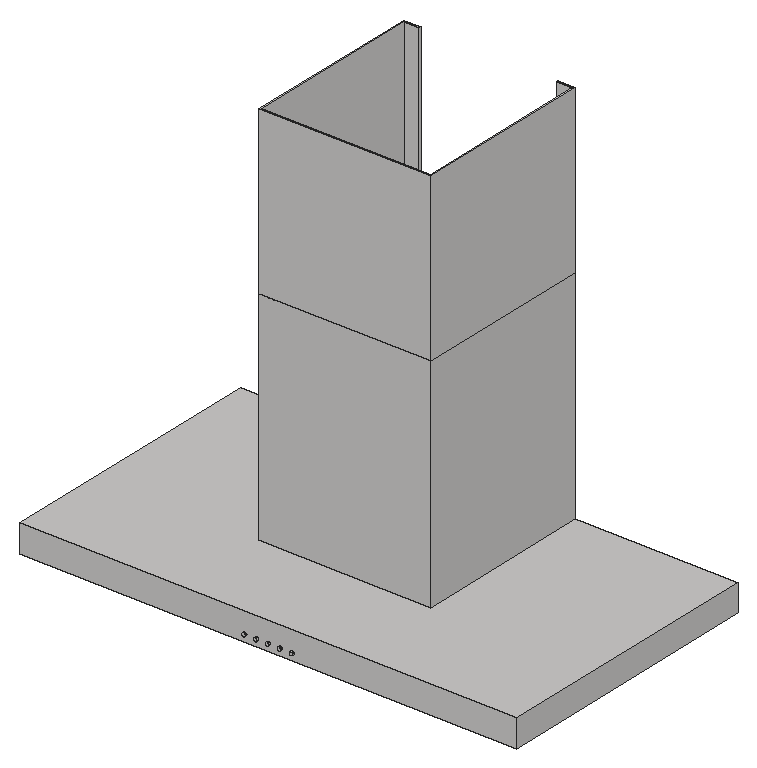
Revit family "Qf_Summit_SEH4636SS_36 inches Wide Wall-Mounted Range Hood", category Specialty Equipment, Revit 2020
Family settings
  Round Connector Dimension = Use Diameter
  Part Type = Normal
  Work Plane-Based = No
  Always vertical = Yes
  Cut with Voids When Loaded = No
  Shared = No
  Room Calculation Point = No
Parameters
  Weight in Pounds = 55
  Watts = FL Amps * Volts  # 299 W
  Volts = 115 V
  Ventilation Remarks = ""
  URL Cutsheet = ""
  Specification by User = ""
  Specification by Manufacturer = ""
  Show Clearance [instance] = yes
  Show Casters [instance] = yes
  Serial Number = ""
  Seismic Rating = ""
  SMACNA No = ""
  Revision Code = ""
  Phase = 1
  Number of Poles = 1
  NAFEM Spec ID Number = ""
  Model = "SEH4636SS"
  Min Ckt Ampacity = 0 A
  Max Overcurrent Protection = 0 A
  Masterspec = ""
  Manufacturer = "Summit"
  Length = 35 7/16"
  Item Number = ""
  Installed By = ""
  Identify Quantity as Lot = yes
  Height = 29 1/2"
  HP = ""
  Furnished By = ""
  Foodservice Equipment Identifier = yes
  FL Amps = 2.6 A
  Exhaust Volume = 200 CFM
  Exhaust Vent Width = 12 1/4"
  Exhaust Vent Diameter = 0"
  Exhaust Vent Depth = 12 7/8"
  Exhaust Static Press = 0.00 in-wg
  Exhaust RI Height = 0"
  Electrical Remarks = ""
  Electric Connection Type = ""
  Elec Conn RI Height = 0"
  Elec Conn Connection Height = 0"
  Description = "36\" Wide Wall-Mounted Range Hood"
  Depth = 19 11/16"
  Default Elevation = 0"
  Cycle = 60 Hz
  Conn Plug = ""
  Conn Conduit = yes
  CSI MasterFormat = ""
  Base Height [instance] = 3/4"
  Apparent Power = 828 VA
Reference planes (in)
  plane 1: z = 0
  plane 2 "LEFT": x = 0
  plane 3 "RIGHT": x = 35.4375
  plane 4 "FRONT": y = -20.4375
  plane 5 "TOP": z = 29.5
  plane 6 "Center Y": x = 17.71875
  plane 7 "Center X": y = -10.59375
  plane 8 "BACK": y = -0.75
  plane 9: z = 17.6875
  plane 10: y = -13.625
  plane 11: x = 11.59375
  plane 12: x = 23.84375
  plane 13: z = 1.9375
Forms (in)
  Extrusion 1, solid, material "QF_Metal_Stainless_Polished"
    sketch origin (0, 0, 0) x (1, 0, 0) y (0, 1, 0)
      loop
        line (11.59375, -0.75) -> (11.59375, -13.625) -> (23.84375, -13.625) -> (23.84375, -0.75) -> (22.61524, -0.75) -> (22.61524, -0.875) -> (23.71875, -0.875) -> (23.71875, -13.5) -> (11.71875, -13.5) -> (11.71875, -0.875) -> (12.82226, -0.875) -> (12.82226, -0.75) -> (11.59375, -0.75)
    from 17.6875 to 29.5
  Extrusion 2, solid, material "QF_Metal_Stainless_Polished"
    sketch origin (0, 0, 51) x (0, -1, 0) y (1, 0, 0)
      loop
        line (0.75, 11.59375) -> (13.625, 11.59375) -> (13.625, 23.84375) -> (0.75, 23.84375) -> (0.75, 11.59375)
    from -49.0625 to -33.3125
  Extrusion 3, solid, material "QF_Metal_Stainless_Polished"
    sketch origin (0, 0, 0) x (1, 0, 0) y (0, 1, 0)
      loop
        line (0, -0.75) -> (0, -20.4375) -> (35.4375, -20.4375) -> (35.4375, -0.75) -> (0, -0.75)
    from 0 to 1.9375
  Extrusion 4, solid, material "QF_Metal_Stainless_Polished"
    sketch origin (10.21875, -0.75, 51) x (1, 0, 0) y (0, 0, -1)
      loop
        circle (7.5, 47.97736) r 0.25
    from 0 to 0.06876
  Extrusion 5, solid, material "QF_Metal_Stainless_Polished"
    sketch origin (35.4375, -20.4375, 0) x (-1, 0, 0) y (0, 0, -1)
      loop
        circle (17.71875, -0.47403) r 0.11743
      loop
        circle (16.8744, -0.47403) r 0.11743
      loop
        circle (18.5631, -0.47403) r 0.11743
      loop
        circle (19.40744, -0.47403) r 0.11743
      loop
        circle (16.03006, -0.47403) r 0.11743
    from 0 to 0.08308
  Extrusion 6, void
    sketch origin (2.96875, 0, 0) x (1, 0, 0) y (0, 1, 0)
      loop
        line (-0.96875, -2.75) -> (-0.96875, -18.4375) -> (30.46875, -18.4375) -> (30.46875, -2.75) -> (-0.96875, -2.75)
    from 1.33879 to 0
  Extrusion 7, solid, material "QF_Metal_Stainless_Polished"
    sketch origin (2.96875, 0, 0) x (0, 1, 0) y (1, 0, 0)
      loop
        line (-2.875, -0.8387) -> (-2.875, 30.3387) -> (-18.3125, 30.3387) -> (-18.3125, -0.8387) -> (-2.875, -0.8387)
      loop
        line (-3.2238, -0.5109) -> (-3.2238, 14.5) -> (-15.9738, 14.5) -> (-15.9738, 8.71875) -> (-14.7238, 8.71875) -> (-14.7238, 4.59375) -> (-15.9738, 4.59375) -> (-15.9738, -0.5109) -> (-3.2238, -0.5109)
      loop
        line (-3.2238, 30.0109) -> (-15.9738, 30.0109) -> (-15.9738, 24.90625) -> (-14.7238, 24.90625) -> (-14.7238, 20.78125) -> (-15.9738, 20.78125) -> (-15.9738, 15) -> (-3.2238, 15) -> (-3.2238, 30.0109)
    from 0 to -1.33879
  Extrusion 8, solid, material "QF_Plastic_White_Smooth"
    sketch origin (2.96875, 0, 0) x (1, 0, 0) y (0, 1, 0)
      loop
        spline (7.78125, -1.75505) -> (7.74292, -1.53462) -> (7.63053, -1.32922) -> (7.45175, -1.15283) -> (7.21875, -1.01749) -> (6.94742, -0.9324) -> (6.65625, -0.90339) -> (6.36508, -0.9324) -> (6.09375, -1.01749) -> (5.86075, -1.15283) -> (5.68197, -1.32922) -> (5.56958, -1.53462) -> (5.53125, -1.75505)
        spline (5.53125, -1.75505) -> (5.56958, -1.97547) -> (5.68197, -2.18088) -> (5.86075, -2.35726) -> (6.09375, -2.49261) -> (6.36508, -2.57769) -> (6.65625, -2.60671) -> (6.94742, -2.57769) -> (7.21875, -2.49261) -> (7.45175, -2.35726) -> (7.63053, -2.18088) -> (7.74292, -1.97547) -> (7.78125, -1.75505)
      loop
        spline (21.71875, -1.75505) -> (21.75708, -1.97547) -> (21.86947, -2.18088) -> (22.04825, -2.35726) -> (22.28125, -2.49261) -> (22.55258, -2.57769) -> (22.84375, -2.60671) -> (23.13492, -2.57769) -> (23.40625, -2.49261) -> (23.63925, -2.35726) -> (23.81803, -2.18088) -> (23.93042, -1.97547) -> (23.96875, -1.75505)
        spline (23.96875, -1.75505) -> (23.93042, -1.53462) -> (23.81803, -1.32922) -> (23.63925, -1.15283) -> (23.40625, -1.01749) -> (23.13492, -0.9324) -> (22.84375, -0.90339) -> (22.55258, -0.9324) -> (22.28125, -1.01749) -> (22.04825, -1.15283) -> (21.86947, -1.32922) -> (21.75708, -1.53462) -> (21.71875, -1.75505)
    from 0 to -0.03009
  Extrusion 9, solid, material "QF_Metallic_Paint_Black_Glossy"
    sketch origin (2.96875, 0, 0) x (1, 0, 0) y (0, 1, 0)
      loop
        line (7.97143, -15.01285) -> (5.31865, -15.01285) -> (5.31865, -15.83274) -> (7.97143, -15.83274) -> (7.97143, -15.01285)
      loop
        line (21.52857, -15.01285) -> (21.52857, -15.83274) -> (24.18135, -15.83274) -> (24.18135, -15.01285) -> (21.52857, -15.01285)
    from 0 to -0.03009
  Extrusion 10, solid, material "QF_Plastic_White_Smooth"
    sketch origin (2.96875, 1.75, 0) x (0, 1, 0) y (1, 0, 0)
      loop
        line (-17.7238, -0.5109) -> (-4.9738, -0.5109) -> (-4.9738, 14.5) -> (-17.7238, 14.5) -> (-17.7238, 8.71875) -> (-16.4738, 8.71875) -> (-16.4738, 4.59375) -> (-17.7238, 4.59375) -> (-17.7238, -0.5109)
      loop
        line (-17.7238, 15) -> (-4.9738, 15) -> (-4.9738, 30.0109) -> (-17.7238, 30.0109) -> (-17.7238, 24.90625) -> (-16.4738, 24.90625) -> (-16.4738, 20.78125) -> (-17.7238, 20.78125) -> (-17.7238, 15)
    from 0 to -1.33879
Cuts and joins
  joined: Extrusion 2, Extrusion 4
  Extrusion 6 cuts Extrusion 3
Lines and regions (in)
  symbolic lines
    curve 1: line (0, -0.75, 0) -> (0, -20.4375, 0)
    curve 2: line (0, -20.4375, 0) -> (35.4375, -20.4375, 0)
    curve 3: line (35.4375, -20.4375, 0) -> (35.4375, -0.75, 0)
    curve 4: line (35.4375, -0.75, 0) -> (0, -0.75, 0)
    curve 5: line (23.71875, -13.5, 0) -> (11.71875, -13.5, 0)
    curve 6: line (11.71875, -13.5, 0) -> (11.71875, -0.875, 0)
    curve 7: line (11.71875, -0.875, 0) -> (12.82226, -0.875, 0)
    curve 8: line (12.82226, -0.875, 0) -> (12.82226, -0.75, 0)
    curve 9: line (12.82226, -0.75, 0) -> (11.59375, -0.75, 0)
    curve 10: line (11.59375, -0.75, 0) -> (11.59375, -13.625, 0)
    curve 11: line (11.59375, -13.625, 0) -> (23.84375, -13.625, 0)
    curve 12: line (23.84375, -13.625, 0) -> (23.84375, -0.75, 0)
    curve 13: line (23.84375, -0.75, 0) -> (22.61524, -0.75, 0)
    curve 14: line (22.61524, -0.75, 0) -> (22.61524, -0.875, 0)
    curve 15: line (22.61524, -0.875, 0) -> (23.71875, -0.875, 0)
    curve 16: line (23.71875, -0.875, 0) -> (23.71875, -13.5, 0)
Dimensions and locks (in)
  equal spacing: plane 2 "LEFT", plane 6 "Center Y", plane 3 "RIGHT"
  "Length": plane 2 "LEFT" to plane 3 "RIGHT"
  equal spacing: plane 4 "FRONT", plane 7 "Center X", plane 8 "BACK"
  "Height": plane 5 "TOP" to level
  plane 3 "RIGHT" to plane 2 "LEFT" = 35 7/16"
  plane 5 "TOP" to level = 29 1/2"
  "Depth": plane 4 "FRONT" to plane 8 "BACK"
  plane 9 to plane 13 = 15 3/4"
  plane 8 "BACK" to plane 10 = 12 7/8"
  plane 11 to plane 12 = 12 1/4"
  plane 13 to level = 1 15/16"
  equal spacing: plane 11, plane 6 "Center Y", plane 12, locked at 6.125 each
  locked: plane 6 "Center Y" to Extrusion 4 sketch curve
  Extrusion 5 sketch curve to Extrusion 5 sketch curve to plane 6 "Center Y" to Extrusion 5 sketch curve to Extrusion 5 sketch curve to Extrusion 5 sketch curve = 0.84435" locked, 0.84435" locked, 0" locked, 0.84435" locked, 0.84435" locked
  aligned and locked: level to plane 1
  aligned and locked: plane 5 "TOP" to Extrusion 1
  aligned and locked: Extrusion 1 to plane 9
  aligned and locked: plane 9 to Extrusion 2
  aligned and locked: Extrusion 3 to plane 13
  aligned and locked: cut or joined group of Extrusion 2, Extrusion 4 to plane 13
  aligned and locked: Extrusion 9 to Extrusion 8
Automatic sketch dimensions
  curve 1 to plane 2 "LEFT" = 0"
  plane 8 "BACK" to curve 10 = 0"
  curve 10 to plane 11 = 0"
  plane 8 "BACK" to curve 14 = 0"
  curve 12 to plane 10 = 0"
  curve 12 to plane 12 = 0"
  curve 3 to plane 3 "RIGHT" = 0"
  plane 4 "FRONT" to curve 1 = 0"
  plane 8 "BACK" to curve 4 = 0"
  curve 5 to plane 11 = 1/8"
  curve 6 to curve 9 = 1.10351"
  curve 14 to curve 12 = 1.22851"
  curve 15 to plane 12 = 1/8"
  plane 10 to curve 5 = 1/8"
  plane 8 "BACK" to curve 7 = 1/8"
  plane 8 "BACK" to curve 16 = 1/8"
  Extrusion 1 sketch curve to plane 10 = 0"
  Extrusion 1 sketch curve to plane 11 = 0"
  plane 8 "BACK" to Extrusion 1 sketch curve = 0"  (x2)
  Extrusion 1 sketch curve to plane 12 = 0"
  Extrusion 1 sketch curve to plane 11 = 1/8"
  plane 8 "BACK" to Extrusion 1 sketch curve = 1/8"  (x2)
  Extrusion 1 sketch curve to Extrusion 1 sketch curve = 1.10351"
  Extrusion 1 sketch curve to plane 12 = 1.22851"
  Extrusion 1 sketch curve to plane 12 = 1/8"
  plane 10 to Extrusion 1 sketch curve = 1/8"
  plane 8 "BACK" to Extrusion 2 sketch curve = 0"
  Extrusion 2 sketch curve to plane 10 = 0"
  Extrusion 2 sketch curve to plane 11 = 0"
  Extrusion 2 sketch curve to plane 12 = 0"
  Extrusion 3 sketch curve to plane 2 "LEFT" = 0"
  Extrusion 3 sketch curve to plane 3 "RIGHT" = 0"
  plane 4 "FRONT" to Extrusion 3 sketch curve = 0"
  plane 8 "BACK" to Extrusion 3 sketch curve = 0"
  Extrusion 2 to Extrusion 4 sketch curve = 1.08514"
  Extrusion 3 to Extrusion 5 sketch curve = 0.47403"  (x5)
  plane 2 "LEFT" to Extrusion 6 sketch curve = 2"
  plane 3 "RIGHT" to Extrusion 6 sketch curve = 2"
  Extrusion 6 sketch curve to plane 4 "FRONT" = 2"
  plane 8 "BACK" to Extrusion 6 sketch curve = 2"
  Extrusion 7 sketch curve to Extrusion 6 = 1/8"  (x2)
  Extrusion 7 sketch curve to Extrusion 6 = 2.4637"  (x2)
  Extrusion 7 sketch curve to Extrusion 6 = 0.45785"  (x2)
  Extrusion 7 sketch curve to Extrusion 7 sketch curve = 2.3387"
  Extrusion 7 sketch curve to Extrusion 7 sketch curve = 0"
  Extrusion 7 sketch curve to Extrusion 7 sketch curve = 1 1/4"  (x2)
  Extrusion 7 sketch curve to Extrusion 6 = 0.4738"  (x2)
  Extrusion 7 sketch curve to Extrusion 7 sketch curve = 5.10465"
  Extrusion 7 sketch curve to Extrusion 7 sketch curve = 4 1/8"  (x2)
  Extrusion 7 sketch curve to Extrusion 7 sketch curve = 5 25/32"  (x2)
  Extrusion 7 sketch curve to Extrusion 7 sketch curve = 1/2"
  Extrusion 7 sketch curve to Extrusion 6 = 0.13005"  (x2)
  plane 11 to Extrusion 8 sketch curve = 1 31/32"
  plane 8 "BACK" to Extrusion 8 sketch curve = 1.00505"  (x2)
  plane 11 to Extrusion 8 sketch curve = 27/32"
  plane 12 to Extrusion 8 sketch curve = 27/32"
  Extrusion 8 sketch curve to Extrusion 8 sketch curve = 1 1/8"
  Extrusion 9 sketch curve to plane 10 = 1.38785"  (x2)
  plane 11 to Extrusion 9 sketch curve = 3.30635"
  plane 11 to Extrusion 9 sketch curve = 0.65357"
  plane 12 to Extrusion 9 sketch curve = 0.65357"
  Extrusion 9 sketch curve to Extrusion 9 sketch curve = 2.65278"
  Extrusion 9 sketch curve to Extrusion 9 sketch curve = 0.81989"  (x2)
  Extrusion 10 sketch curve to Extrusion 6 = 0.45785"  (x2)
  Extrusion 10 sketch curve to Extrusion 6 = 2.4637"  (x4)
  Extrusion 10 sketch curve to Extrusion 10 sketch curve = 1 1/4"  (x2)
  Extrusion 10 sketch curve to Extrusion 6 = 0.4738"  (x2)
  Extrusion 10 sketch curve to Extrusion 10 sketch curve = 5.10465"
  Extrusion 10 sketch curve to Extrusion 10 sketch curve = 4 1/8"  (x2)
  Extrusion 10 sketch curve to Extrusion 10 sketch curve = 5 25/32"  (x2)
  Extrusion 10 sketch curve to Extrusion 10 sketch curve = 1/2"
  radius of Extrusion 4 sketch curve = 1/4"
  radius of Extrusion 5 sketch curve = 0.11743"  (x5)
Connectors (in)
  electrical at (17.71875, -0.68124, 3.02264), driven by "Volts", driven by "Apparent Power"
    settings: on cut or joined group of Extrusion 2, Extrusion 4, index 1, voltage 115 V, apparent load 828 VA, apparent load phase1 0 VA, apparent load phase2 0 VA, apparent load phase3 0 VA, power factor 1, load classification "Other", number of poles 1, system type 30, power factor state 1, is connector primary yes, connector utility no, sub classification motor no, connector description "Electrical Inlet"
  hvac at (17.71875, -5.0625, 29.5)
    settings: on Extrusion 1, index 2, duct flow 0 CFM, flow factor 0, pres drop 0.00 in-wg, loss coef 0, conn angle 0.00°, conn width 12", conn height 12", conn diameter 24", duct sys type 1, conn prof type 1, flow config 0, flow direction 0, loss method 0, conn ref index -1, conn util no, is conn primary yes, conn desc ""
